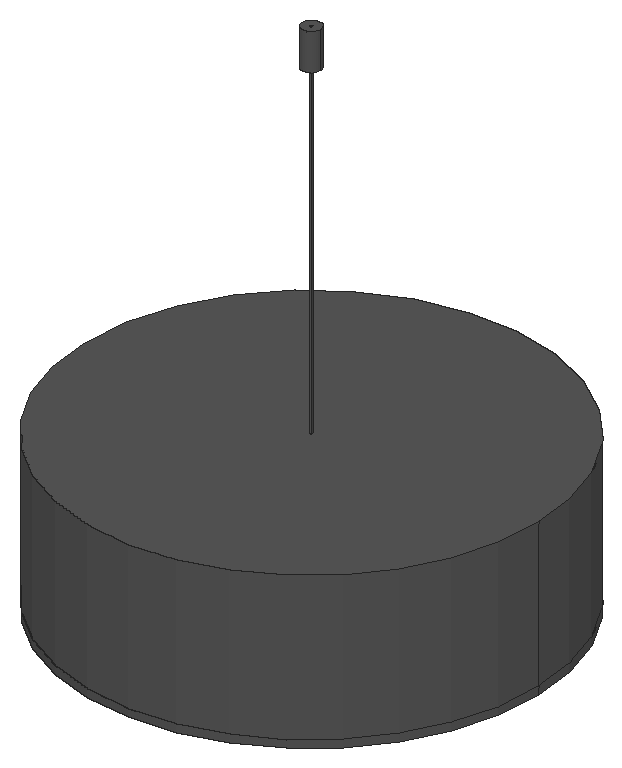
Revit family "ERA_LF_PC_SPP-402", category Осветительные приборы, Revit 2019
Family settings
  Размер круглого соединителя = Использовать диаметр
  Тип детали = Нормальный
  Номер OmniClass = 23.80.70.00
  Заголовок OmniClass = Lighting
  На основе рабочей плоскости = Нет
  Всегда вертикально = Да
  При загрузке вырезать с полостями = Нет
  Источник света = Да
  Общий = Нет
  Точка расчета площади = Да
Parameters (values of type "SPP-402-0-50K-100, LED, IP65, d 250х85 мм, 100 Вт, 5000 К, 10000 лм, класс защиты I, в комплекте (линейный драйвер)")
  built-in parameter 1150104 = 13.8 (stored number, unit not read)
  Чаша подвеса [instance] = yes
  built-in parameter 1150134 = 2
  Файл фотометрической сетки = "SPP-402-0-50K-100.ies"
  Угол наклона = 90.00°
  built-in parameter 1150142 = "IESNA:LM-63-1995\r\n[DATA] 16.07.2020\r\n[MANUFAC]??РА\r\n[LUMCAT] \r\n[LUMINAIRE] SPP-402-0-50K-100\r\n[LAMP] Светодиодный модуль\r\nTILT=NONE\r\n1 9621 9.621 91 1 1 2  -0.250 0.000 0.085\r\n1 1 96.99\r\n0 1 2 3 4 5 6 7 8 9 10 11 12 13 14 15 16 17 18 19 20 21 22 23 24 25 26 27 28 29 30 31 32 33 34 35 36 37 38 39 40 41 42 43 44 45 46 47 48 49 50 51 52 53 54 55 56 57 58 59 60 61 62 63 64 65 66 67 68 69 70 71 72 73 74 75 76 77 78 79 80 81 82 83 84 85 86 87 88 89 90 \r\n0\r\n374.7 374.7 374.9 375 375 374.8 374.4 373.8 373 372.1 371.1 369.9 368.7 367.4 366 364.4 362.8 361 359.1 357.1 354.9 352.6 350.2 347.6 345 342.3 339.5 336.6 333.6 330.5 327.4 324.1 320.6 317.1 313.3 309.3 304.8 299.7 293.8 287.5 280.9 274.5 268.4 262.4 256.6 250.8 244.9 239 233 227.1 221 214.6 207.5 199.7 191.7 183.8 176.2 168.9 161.7 154.5 147.3 139.7 131.4 122.9 115 107.3 99.9 92.6 85 77.2 70 63.1 56.4 49.7 43.4 37.5 32 26.9 22.2 17.9 14 10.7 7.9 5.8 4.3 3.2 0 0 0 0 0"
  Диаметр чаши подвеса = 10.00 mm
  Высота чаши подвеса = 20.00 mm
  _УГО_Ширина = if(_Корпус_Ширина / УГО_Масштаб < 1.00 mm, 1.00 mm, _Корпус_Ширина / УГО_Масштаб)  # 1.00 mm
  УГО_Масштаб = 100
  _УГО_Длина = if(_Корпус_Длина / УГО_Масштаб < 1.00 mm, 1.00 mm, _Корпус_Длина / УГО_Масштаб)  # 1.00 mm
  _УГО_Диаметр = if(_Корпус_Диаметр / УГО_Масштаб < 1.00 mm, 1.00 mm, _Корпус_Диаметр / УГО_Масштаб)  # 2.50 mm
  УГО_Видимость [instance] = not(УГО_Реальный размер)  # yes
  УГО_Аварийный [instance] = no
  Тип установки = "Подвесной"
  Степень защиты IP = "IP65"
  built-in parameter 1150137 = (empty or 0)
  built-in parameter 1150132 = 2
  built-in parameter 1150114 = 1 (stored number, unit not read)
  Dimming Lamp Color Temperature Shift = (empty or 0)
  built-in parameter 1150105 = 417.78 (stored number, unit not read)
  Color Filter = 16777215
  Lumens = 10000 lm
  Разработчик модели = "https://www.teslabim.ru"
  built-in parameter 1150109 = 1 (stored number, unit not read)
  built-in parameter 1150112 = 1 (stored number, unit not read)
  built-in parameter 1150110 = 1 (stored number, unit not read)
  built-in parameter 1150113 = 1 (stored number, unit not read)
  built-in parameter 1150115 = 1 (stored number, unit not read)
  built-in parameter 1114218 = 1 (stored number, unit not read)
  built-in parameter 1114217 = 1 (stored number, unit not read)
  built-in parameter 1150106 = 4.1778 (stored number, unit not read)
  Emit from Rectangle Width = _Корпус_Ширина  # 1.00 mm
  Emit from Rectangle Length = _Корпус_Длина  # 1.00 mm
  _Корпус_Ширина = if(ADSK_Размер_Ширина < 1.00 mm, 1.00 mm, ADSK_Размер_Ширина)  # 1.00 mm
  _Корпус_Длина = if(ADSK_Размер_Длина < 1.00 mm, 1.00 mm, ADSK_Размер_Длина)  # 1.00 mm
  built-in parameter 1150133 = 10 (stored number, unit not read)
  Wattage = 35.3435 W
  built-in parameter 1150139 = (empty or 0)
  built-in parameter 1114216 [instance] = 1 (stored number, unit not read)
  Цвет = Чёрный
  УГО_Реальный размер [instance] = no
  Description = ""
  Lamp = ""
  Комплект = "Линейный драйвер"
  Класс пожароопасности = "Нет"
  Класс защиты = "I"
  built-in parameter 1150138 = (empty or 0)
  built-in parameter 1150107 = 5000 (stored number, unit not read)
  built-in parameter 1150102 = (empty or 0)
  Источник света = "LED"
  Manufacturer = ""
  Длина подвеса [instance] = 200.00 mm
  Диаметр подвеса = 1.00 mm
  Геометрия изделия = "Круглый"
  Видимая форма излучения при визуализации = no
  _УГО_Аварийный [instance] = if(УГО_Аварийный, "A", " ")  # " "
  _Корпус_Диаметр = if(ADSK_Размер_Диаметр < 1.00 mm, 1.00 mm, ADSK_Размер_Диаметр)  # 250.00 mm
  _Подвес_Расстояние = _Корпус_Длина - 50.00 mm  # -49.00 mm
  _Подвес_Чаша_Высота = if(Высота чаши подвеса < 1.00 mm, 1.00 mm, Высота чаши подвеса)  # 20.00 mm
  _Подвес_Длина [instance] = if(Длина подвеса < 1.00 mm, 1.00 mm, Длина подвеса)  # 200.00 mm
  _Подвес_Чаша_Диаметр = if(Диаметр чаши подвеса < 1.00 mm, 1.00 mm, Диаметр чаши подвеса)  # 10.00 mm
  _Подвес_Диаметр = if(Диаметр подвеса < 1.00 mm, 1.00 mm, Диаметр подвеса)  # 1.00 mm
  _Корпус_Высота = if(ADSK_Размер_Высота < 1.00 mm, 1.00 mm, ADSK_Размер_Высота)  # 85.00 mm
  URL = "https://www.eraworld.ru/catalog/2652030"
  ADSK_Размер_Ширина = 0.00 mm
  ADSK_Размер_Длина = 0.00 mm
  ADSK_Размер_Диаметр = 250.00 mm
  ADSK_Примечание = "Линейный драйвер, закалённое стекло"
  ADSK_Полная мощность = ADSK_Номинальная мощность / ADSK_Коэффициент мощности  # 105.263 VA
  ADSK_Позиция = ""
  ADSK_Номинальная мощность = 100 W
  ADSK_Напряжение = 230 V
  ADSK_Наименование краткое = "Светильник"
  ADSK_Масса = 1.36
  ADSK_Марка = "SPP-402-0-50K-100"
  ADSK_Коэффициент мощности = 0.95
  ADSK_Количество фаз = 1
  ADSK_Код изделия = ""
  ADSK_Классификация нагрузок = Освещение
  ADSK_Размер_Высота = 85.00 mm
  ADSK_Обозначение = ADSK_Марка  # "SPP-402-0-50K-100"
  ADSK_Наименование = "Светильник, LED, круглый, подвесной, IP65, d 250х85 мм, 100 Вт, 5000 К, 10000 лм, класс защиты I, в комплекте (линейный драйвер)"
  ADSK_Завод-изготовитель = "ЭРА"
  ADSK_Единица измерения = "шт."
Types (3, lengths in mm): name | built-in parameter 1150134 | Файл фотометрической сетки | built-in parameter 1150142 | _УГО_Диаметр | Lumens | _Корпус_Диаметр | _Корпус_Высота | URL | ADSK_Размер_Диаметр | ADSK_Полная мощность | ADSK_Номинальная мощность | ADSK_Масса | ADSK_Марка | ADSK_Размер_Высота | ADSK_Обозначение | ADSK_Наименование
  SPP-402-0-50K-100, LED, IP65, d 250х85 мм, 100 Вт, 5000 К, 10000 лм, класс защиты I, в комплекте (линейный драйвер) | 2 | "SPP-402-0-50K-100.ies" | "IESNA:LM-63-1995\r\n[DATA] 16.07.2020\r\n[MANUFAC]??РА\r\n[LUMCAT] \r\n[LUMINAIRE] SPP-402-0-50K-100\r\n[LAMP] Светодиодный модуль\r\nTILT=NONE\r\n1 9621 9.621 91 1 1 2  -0.250 0.000 0.085\r\n1 1 96.99\r\n0 1 2 3 4 5 6 7 8 9 10 11 12 13 14 15 16 17 18 19 20 21 22 23 24 25 26 27 28 29 30 31 32 33 34 35 36 37 38 39 40 41 42 43 44 45 46 47 48 49 50 51 52 53 54 55 56 57 58 59 60 61 62 63 64 65 66 67 68 69 70 71 72 73 74 75 76 77 78 79 80 81 82 83 84 85 86 87 88 89 90 \r\n0\r\n374.7 374.7 374.9 375 375 374.8 374.4 373.8 373 372.1 371.1 369.9 368.7 367.4 366 364.4 362.8 361 359.1 357.1 354.9 352.6 350.2 347.6 345 342.3 339.5 336.6 333.6 330.5 327.4 324.1 320.6 317.1 313.3 309.3 304.8 299.7 293.8 287.5 280.9 274.5 268.4 262.4 256.6 250.8 244.9 239 233 227.1 221 214.6 207.5 199.7 191.7 183.8 176.2 168.9 161.7 154.5 147.3 139.7 131.4 122.9 115 107.3 99.9 92.6 85 77.2 70 63.1 56.4 49.7 43.4 37.5 32 26.9 22.2 17.9 14 10.7 7.9 5.8 4.3 3.2 0 0 0 0 0" | 2.50 | 10000 lm | 250.00 | 85.00 | "https://www.eraworld.ru/catalog/2652030" | 250.00 | 105.263 VA | 100 W | 1.36 | "SPP-402-0-50K-100" | 85.00 | "SPP-402-0-50K-100" | "Светильник, LED, круглый, подвесной, IP65, d 250х85 мм, 100 Вт, 5000 К, 10000 лм, класс защиты I, в комплекте (линейный драйвер)"
  SPP-402-0-50K-150, LED, IP65, d 298х88 мм, 150 Вт, 5000 К, 15000 лм, класс защиты I, в комплекте (линейный драйвер) | SPP-402-0-50K-100.ies | "SPP-402-0-50K-150.ies" | "IESNA:LM-63-1995\r\n[DATA] 16.07.2020\r\n[MANUFAC]??РА\r\n[LUMCAT] \r\n[LUMINAIRE] SPP-402-0-50K-150\r\n[LAMP] Светодиодный модуль\r\nTILT=NONE\r\n1 15080 15.08 91 1 1 2  -0.298 0.000 0.088\r\n1 1 148.63\r\n0 1 2 3 4 5 6 7 8 9 10 11 12 13 14 15 16 17 18 19 20 21 22 23 24 25 26 27 28 29 30 31 32 33 34 35 36 37 38 39 40 41 42 43 44 45 46 47 48 49 50 51 52 53 54 55 56 57 58 59 60 61 62 63 64 65 66 67 68 69 70 71 72 73 74 75 76 77 78 79 80 81 82 83 84 85 86 87 88 89 90 \r\n0\r\n363.3 363.3 363.4 363.5 363.4 363.2 362.8 362.3 361.6 360.8 359.8 358.8 357.7 356.4 355.1 353.6 352 350.4 348.6 346.7 344.7 342.6 340.3 338 335.5 332.9 330.2 327.4 324.5 321.5 318.4 315.2 311.9 308.6 305 301.4 297.6 293.8 289.8 285.7 281.5 277.1 272.3 266.8 260.4 253.4 246.4 239.7 233.2 226.9 220.6 214.3 208 201.7 195.3 188.8 182.3 175.3 167.5 159.1 150.9 143.1 135.5 128.1 120.8 113.4 105.5 97.3 89.4 82 74.8 67.4 60 53.2 46.5 40.2 34.4 28.9 23.9 19.4 15.4 11.8 8.8 6.2 4.3 0.7 0 0 0 0 0" | 2.98 | 15000 lm | 298.00 | 88.00 | "https://www.eraworld.ru/catalog/2652031" | 298.00 | 157.895 VA | 150 W | 2.1 | "SPP-402-0-50K-150" | 88.00 | "SPP-402-0-50K-150" | "Светильник, LED, круглый, подвесной, IP65, d 298х88 мм, 150 Вт, 5000 К, 15000 лм, класс защиты I, в комплекте (линейный драйвер)"
  SPP-402-0-50K-200, LED, IP65, d 340х91 мм, 200 Вт, 5000 К, 20000 лм, класс защиты I, в комплекте (линейный драйвер) | SPP-402-0-50K-100.ies | "SPP-402-0-50K-200.ies" | "IESNA:LM-63-1995\r\n[DATA] 20.07.2020\r\n[MANUFAC]??РА\r\n[LUMCAT] \r\n[LUMINAIRE] SPP-402-0-50K-200\r\n[LAMP] Светодиодный модуль\r\nTILT=NONE\r\n1 18494 18.494 91 1 1 2 -0.340 0.000 0.091\r\n1 1 189.32\r\n0 1 2 3 4 5 6 7 8 9 10 11 12 13 14 15 16 17 18 19 20 21 22 23 24 25 26 27 28 29 30 31 32 33 34 35 36 37 38 39 40 41 42 43 44 45 46 47 48 49 50 51 52 53 54 55 56 57 58 59 60 61 62 63 64 65 66 67 68 69 70 71 72 73 74 75 76 77 78 79 80 81 82 83 84 85 86 87 88 89 90 \r\n0\r\n366.9 367 367.1 367.2 367.2 367 366.6 366 365.3 364.5 363.5 362.5 361.3 360.1 358.7 357.2 355.6 353.8 352 350.1 348.1 345.9 343.6 341.2 338.6 336 333.2 330.4 327.4 324.4 321.3 318 314.7 311.2 307.6 303.9 299.8 295.2 289.9 283.9 277.5 271.3 265.2 259.5 253.8 248.1 242.5 236.8 231.1 225.3 219.5 213.6 207.6 201.2 193.9 186.1 178.3 170.8 163.6 156.5 149.5 142.5 135.4 128.2 120.4 112.3 104.6 97.1 89.9 82.7 75.4 68.1 61.1 54.5 47.9 41.6 35.7 30.3 25.2 20.6 16.4 12.8 9.6 7 4.9 3.4 0 0 0 0 0" | 3.40 | 20000 lm | 340.00 | 91.00 | "https://www.eraworld.ru/catalog/2652032" | 340.00 | 210.526 VA | 200 W | 2.54 | "SPP-402-0-50K-200" | 91.00 | "SPP-402-0-50K-200" | "Светильник, LED, круглый, подвесной, IP65, d 340х91 мм, 200 Вт, 5000 К, 20000 лм, класс защиты I, в комплекте (линейный драйвер)"
Reference planes
  plane 1 "По центру (Вперед/Назад)": y = 0
  plane 2: z = 0
  plane 3 "По центру (Влево/Вправо)": x = 0
  plane 4 "ИС": z = -285
  plane 5 "H": z = -200
Dimensions and locks
  "_Подвес_Длина": plane 5 "H" to plane 2
  "ADSK_Размер_Высота": plane 4 "ИС" to plane 5 "H"
  aligned and locked: level to plane 2
  aligned and locked: imposter light to plane 4 "ИС"
  aligned and locked: nested 2 to plane 3 "По центру (Влево/Вправо)"
  aligned and locked: plane 1 "По центру (Вперед/Назад)" to nested 2
  aligned and locked: plane 3 "По центру (Влево/Вправо)" to nested 3
  aligned and locked: plane 1 "По центру (Вперед/Назад)" to nested 3
Nested families
  nested 1: "GA_УГО" at (0, 0, 0), visible <- "УГО_Видимость", Аварийный <- "УГО_Аварийный", type "Круг", detail levels coarse+medium
    with Аварийный no, Диаметр 2.50 mm
  nested 2: "GM_ОП_Кр_Корпус" at (0, 0, -200) x (-1, 0, 0) z (0, 0, -1), type "GM_ОП_Кр_Корпус"
    with Рассеиватель_Высота 4.25 mm, Корпус_Ширина 1.00 mm, Корпус_Длина 1.00 mm, Корпус_Диаметр 250.00 mm, Корпус_Высота 85.00 mm, Кант_Ширина 12.50 mm
  nested 3: "GM_Подвес" at (0, 0, 0), type "GM_Подвес"
    with Чаша yes, Длина подвеса 200.00 mm, Диаметр чаши подвеса 10.00 mm, Высота чаши подвеса 20.00 mm
Connectors
  electrical at (0, 0, 0), driven by "ADSK_Коэффициент мощности", driven by "ADSK_Количество фаз", driven by "ADSK_Классификация нагрузок", driven by "ADSK_Напряжение", driven by "ADSK_Полная мощность"
    settings: index 1, voltage 230 V, apparent load 105.263 VA, apparent load phase1 0 VA, apparent load phase2 0 VA, apparent load phase3 0 VA, power factor 0.95, load classification "Освещение", number of poles 1, system type 30, power factor state 1, is connector primary yes, connector utility no, sub classification motor no, connector description ""
Definition of nested family "GM_ОП_Кр_Корпус"
  Parameters (values of type "GM_ОП_Кр_Корпус")
    Рассеиватель_Высота = Корпус_Высота * 0.05  # 2.30 mm
    Корпус_Ширина = 124.00 mm
    Цвет = none
    Реальный размер = no
    Default Elevation = 0.00 mm
    Корпус_Длина = 263.00 mm
    Корпус_Диаметр = 440.00 mm
    Корпус_Высота = 46.00 mm
    Кант_Ширина = Корпус_Диаметр * 0.05  # 22.00 mm
  Reference planes
    plane 1 "По центру (Вперед/Назад)": y = 0
    plane 2: z = 0
    plane 3 "По центру (Влево/Вправо)": x = 0
    plane 4 "В": z = 46
    plane 5 "Р": z = 43.7
  Forms (mm)
    Extrusion 1, solid, material <- "Цвет", detail levels fine
      sketch origin (0, 0, 0) x (1, 0, 0) y (0, 1, 0)
        loop
          circle (0, 0) r 220
      from 0 to 43.7
    Extrusion 2, solid, visible <- "Реальный размер", detail levels coarse+medium
      sketch origin (0, 0, 0) x (1, 0, 0) y (0, 1, 0)
        loop
          circle (0, 0) r 220
      from 0 to 46 <- "Корпус_Высота"
  Dimensions and locks
    "Корпус_Высота": plane 2 to plane 4 "В"
    "Рассеиватель_Высота": plane 5 "Р" to plane 4 "В"
    "Корпус_Диаметр": diameter of Extrusion 2 sketch curve
    "Корпус_Диаметр": diameter of Extrusion 1 sketch curve
    aligned and locked: level to plane 2
    aligned and locked: Extrusion 1 to plane 2
    aligned and locked: Extrusion 2 to plane 2
    aligned and locked: nested 1 to plane 4 "В"
    aligned and locked: plane 3 "По центру (Влево/Вправо)" to nested 1
    aligned and locked: plane 1 "По центру (Вперед/Назад)" to nested 1
    aligned and locked: Extrusion 1 to plane 5 "Р"
  Automatic sketch dimensions
    plane 1 "По центру (Вперед/Назад)" to Extrusion 1 sketch curve = 0.00 mm
    Extrusion 1 sketch curve to plane 3 "По центру (Влево/Вправо)" = 0.00 mm
    plane 1 "По центру (Вперед/Назад)" to Extrusion 2 sketch curve = 0.00 mm
    Extrusion 2 sketch curve to plane 3 "По центру (Влево/Вправо)" = 0.00 mm
  Nested families
    nested 1: "GM_ОП_Пр_Рассеиватель" at (0, 0, 43.7), type "GM_ОП_Пр_Рассеиватель"
      with Рассеиватель_Диаметр 418.00 mm, Кант_Ширина 22.00 mm, Корпус_Диаметр 440.00 mm
  Definition of nested family "GM_ОП_Пр_Рассеиватель"
    Parameters (values of type "GM_ОП_Пр_Рассеиватель")
      Рассеиватель_Диаметр = Корпус_Диаметр - Кант_Ширина  # 465.321 mm
      Корпус_Ширина = 124.00 mm
      Цвет = none
      Default Elevation = 1000.00 mm
      Корпус_Длина = 263.00 mm
      Корпус_Высота = 2.30 mm
      Кант_Ширина = 5.00 mm
      Корпус_Диаметр = 470.321 mm
    Reference planes
      plane 1 "По центру (Вперед/Назад)": y = 0
      plane 2: z = 0
      plane 3 "По центру (Влево/Вправо)": x = 0
    Forms (mm)
      Extrusion 1, solid, material <- "Цвет", detail levels fine
        sketch origin (0, 0, 0) x (1, 0, 0) y (0, 1, 0)
          loop
            circle (0, 0) r 235.16
          loop
            circle (0, 0) r 232.66
        from 0 to 2.3 <- "Корпус_Высота"
      Extrusion 2, solid, detail levels fine
        sketch origin (20, -32.684, 0) x (1, 0, 0) y (0, 1, 0)
          loop
            circle (-20, 32.684) r 232.66
        from 0 to 2.3 <- "Корпус_Высота"
    Dimensions and locks
      "Корпус_Диаметр": diameter of Extrusion 1 sketch curve
      "Рассеиватель_Диаметр": diameter of Extrusion 2 sketch curve
      aligned and locked: level to plane 2
      aligned and locked: Extrusion 1 to plane 2
      aligned and locked: Extrusion 1 sketch curve to Extrusion 2  (x2)
    Automatic sketch dimensions
      plane 1 "По центру (Вперед/Назад)" to Extrusion 1 sketch curve = 0.00 mm
      Extrusion 1 sketch curve to plane 3 "По центру (Влево/Вправо)" = 0.00 mm
      plane 1 "По центру (Вперед/Назад)" to Extrusion 2 sketch curve = 0.00 mm
      Extrusion 2 sketch curve to plane 3 "По центру (Влево/Вправо)" = 0.00 mm
Definition of nested family "GM_Подвес"
  Parameters (values of type "GM_Подвес")
    Чаша = no
    Цвет = none
    Реальный размер = no
    Default Elevation = 1000.00 mm
    Длина подвеса = 100.00 mm
    Диаметр чаши подвеса = 25.00 mm
    Диаметр подвеса = 1.00 mm
    Высота чаши подвеса = 50.00 mm
  Reference planes
    plane 1 "По центру (Вперед/Назад)": y = 0
    plane 2: z = 0
    plane 3 "По центру (Влево/Вправо)": x = 0
    plane 4 "П": z = -100
    plane 5 "Ч": z = -50
  Forms (mm)
    Extrusion 1, solid, material <- "Цвет", detail levels fine
      sketch origin (0, 0, 0) x (1, 0, 0) y (0, 1, 0)
        loop
          circle (0, 0) r 0.5
      from 0 to -100
    Extrusion 2, solid, material <- "Цвет", visible <- "Чаша", detail levels fine
      sketch origin (0, 0, 0) x (1, 0, 0) y (0, 1, 0)
        loop
          circle (0, 0) r 12.5
      from 0 to -50
  Lines and regions (mm)
    model lines, visible <- "Реальный размер", detail levels coarse+medium
      curve 1: line (0, 0, -100) -> (0, 0, 0)
  Dimensions and locks
    "Длина подвеса": plane 4 "П" to plane 2
    "Высота чаши подвеса": plane 5 "Ч" to plane 2
    "Диаметр чаши подвеса": diameter of Extrusion 2 sketch curve
    "Диаметр подвеса": diameter of Extrusion 1 sketch curve
    aligned and locked: level to plane 2
    aligned and locked: plane 4 "П" to Extrusion 1
    aligned and locked: plane 2 to Extrusion 1
    aligned and locked: level to curve 1
    aligned and locked: curve 1 to plane 4 "П"
    aligned and locked: curve 1 to plane 3 "По центру (Влево/Вправо)"
    aligned and locked: plane 5 "Ч" to Extrusion 2
  Automatic sketch dimensions
    plane 1 "По центру (Вперед/Назад)" to Extrusion 1 sketch curve = 0.00 mm
    Extrusion 1 sketch curve to plane 3 "По центру (Влево/Вправо)" = 0.00 mm
    plane 1 "По центру (Вперед/Назад)" to Extrusion 2 sketch curve = 0.00 mm
    Extrusion 2 sketch curve to plane 3 "По центру (Влево/Вправо)" = 0.00 mm
Definition of nested family "GA_УГО"
  Parameters (values of type "Прямоугольник")
    Ширина = 10.00 mm
    Прямоугольник = yes
    Круг = no
    Длина = 10.00 mm
    Диаметр = 10.00 mm
    Аварийный [instance] = yes
  Types (3, lengths in mm): name | Прямоугольник | Круг | Диаметр | Аварийный
    Круг | no | yes | 3.40 | yes
    Прямоугольник | yes | no | 10.00 | yes
    Нет | no | no | 10.00 | no
  Reference planes
    plane 1: y = 0
    plane 2: x = 0
  Lines and regions (mm)
    detail lines, visible <- "Круг"
      curve 1: circle (0, 0, 0) r 5 normal (0, 0, 1)
    detail lines, visible <- "Прямоугольник"
      curve 2: line (-5, -5, 0) -> (5, -5, 0)
      curve 3: line (-5, 5, 0) -> (-5, -5, 0)
      curve 4: line (5, 5, 0) -> (-5, 5, 0)
      curve 5: line (5, -5, 0) -> (5, 5, 0)
  Text (mm)
    text "А" at (-0.656, 1.428, 0), visible <- "Аварийный"
  Dimensions and locks
    equal spacing: curve 3, plane 2, curve 5
    equal spacing: curve 2, plane 1, curve 4
    "Ширина": curve 3 to curve 5
    "Длина": curve 2 to curve 4
    "Диаметр": diameter of curve 1
    aligned and locked: plane 2 to curve 1
    aligned and locked: plane 1 to curve 1
